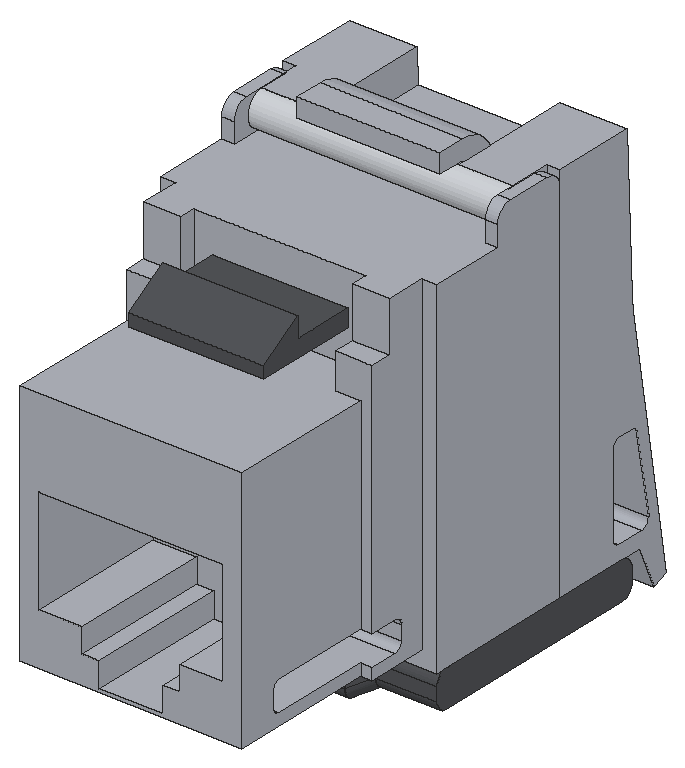
Revit family "RJ45 FTP_ENG", category Equipement spécialisé, Revit 2020
Family settings
  Cote de connecteur circulaire = Utiliser le diamètre
  Type d'élément = Normal
  Basée sur le plan de construction = Non
  Toujours verticalement = Oui
  Couper avec des vides une fois chargée = Non
  Partagée = Oui
  Point de calcul de pièce = Non
Parameters (values of type "Connecteur RJ45 Catégorie 6 FTP (lot de 24)")
  Type de connecteur = "RJ45"
  Température de stockage = "-10_à_70"
  Température de fonctionnement = "-10_à_60"
  Section AWG = "23-26"
  Référence Legrand = "632908"
  Profondeur = 34 mm
  Lien e-catalogue = "https://www.legrand.fr/reference/632908/pro"
  Libellé BIM = "Connecteur RJ45 Catégorie 6 FTP (lot de 24)"
  Largeur (mm) = 18 mm
  IP = "IP20"
  IK = "IK04"
  Hauteur = 31 mm
  Fonction = "Prises murales RJ45"
  Elévation par défaut = 0 mm
  EAN = "3414972227278"
  Diamètre max du câble en entrée = "9MM"
  Couleur = IDS_GRIS
  Classe ETIM = "EC001121"
  Catégorie = "6"
  Blindé = yes
Reference planes
  plane 1 "Centre (avant/arrière)": y = 106
  plane 2: z = 0
  plane 3: x = 0
  plane 4: z = 16.075
  plane 5: x = 14.47
  plane 6: y = 115.65
  plane 7: x = 1.24
  plane 8: x = 13.23
  plane 9: z = 10.32
  plane 10: z = 3.44
  plane 11: z = 0.2
  plane 12: x = 5.16
  plane 13: x = 9.31
  plane 14: z = 1.86
  plane 15: x = 4.06
  plane 16: x = 10.41
  plane 17: y = 119.65
  plane 18: z = 21.675
  plane 19: z = -1
  plane 20: y = 117.05
  plane 21: z = 18.375
  plane 22: x = -0.765
  plane 23: x = 15.235
  plane 24: x = 7.235
  plane 25: z = 24
  plane 26: y = 129.65
  plane 27: y = 124.65
  plane 28: x = -1.765
  plane 29: x = 16.235
  plane 30: x = -0.94
  plane 31: x = 15.41
  plane 32: x = 7.235
  plane 33: z = 25.375
  plane 34: z = 24.125
  plane 35: y = 125.35
  plane 36: y = 126.85
  plane 37: z = 22.9
  plane 38: y = 131.35
  plane 39: y = 127.35
  plane 40: z = -4.8
  plane 41: y = 128.15
  plane 42: z = 22.875
  plane 43: y = 126.85
  plane 44: y = 135.45
  plane 45: z = 14
  plane 46: y = 138.3
  plane 47: z = -3.3
  plane 48: y = 137.3
  plane 49: z = -3.7
  plane 50: y = 123.65
  plane 51: z = 10.5
  plane 52: z = -3.44
  plane 53: y = 135.55
  plane 54: z = -3.44
  plane 55: y = 135.55
  plane 56: z = -4.8
  plane 57: y = 108.5
  plane 58: z = 18.2
  plane 59: z = 19.4
  plane 60: y = 114.05
  plane 61: y = 111.35
  plane 62: z = 20.7
  plane 63: y = 113.65
  plane 64: z = 19
  plane 65: y = 114.2
  plane 66: z = -1.5
  plane 67: y = 111.3
  plane 68: x = 1.635
  plane 69: x = 12.835
  plane 70: y = 134
  plane 71: z = 6.3
  plane 72: y = 135.85
  plane 73: y = 137
  plane 74: y = 134
  plane 75: z = 6.3
  plane 76: y = 135.85
  plane 77: y = 137
Forms (mm)
  Extrusion 1, solid, material "IDS_GRIS" <- "Couleur"
    sketch origin (0, 106, 0) x (1, 0, 0) y (0, 0, 1)
      loop
        line (0, 0) -> (14.47, 0) -> (14.47, 16.075) -> (0, 16.075) -> (0, 0)
    from 0 to -9.65
  Extrusion 2, void
    sketch origin (0, 106, 0) x (-1, 0, 0) y (0, 0, 1)
      loop
        line (-1.24, 3.44) -> (-1.24, 10.32) -> (-13.23, 10.32) -> (-13.23, 3.44) -> (-10.41, 3.44) -> (-10.41, 1.86) -> (-9.31, 1.86) -> (-9.31, 0.2) -> (-5.16, 0.2) -> (-5.16, 1.86) -> (-4.06, 1.86) -> (-4.06, 3.44) -> (-1.24, 3.44)
    from 0 to 9.3
  Extrusion 3, solid, material "IDS_GRIS" <- "Couleur"
    sketch origin (-0.765, -1524, -4.284) x (0, 0, -1) y (0, -1, 0)
      loop
        line (-4.284, -1639.65) -> (-22.659, -1639.65) -> (-22.659, -1641.05) -> (-25.959, -1641.05) -> (-25.959, -1643.65) -> (-4.284, -1643.65) -> (-4.284, -1639.65)
    from 0 to -16
  Extrusion 4, void
    sketch origin (-27.014, 115.65, 1200) x (1, 0, 0) y (0, 0, 1)
      loop
        line (28.649, -1178.325) -> (28.649, -1183.925) -> (39.849, -1183.925) -> (39.849, -1178.325) -> (28.649, -1178.325)
    from 0 to -2.5
  Extrusion 5, solid, material "IDS_GRIS" <- "Couleur"
    sketch origin (-1.765, -1524, -2.503) x (0, 0, -1) y (0, -1, 0)
      loop
        line (-1.503, -1653.65) -> (-1.503, -1643.65) -> (-24.178, -1643.65) -> (-24.178, -1648.65) -> (-25.503, -1648.65)
        arc (-25.503, -1648.65) -> (-26.21, -1648.943) -> (-26.503, -1649.65) r 1
        line (-26.503, -1649.65) -> (-26.503, -1652.65)
        arc (-26.503, -1652.65) -> (-26.21, -1653.357) -> (-25.503, -1653.65) r 1
        line (-25.503, -1653.65) -> (-1.503, -1653.65)
    from 0 to -18
  Extrusion 6, void
    sketch origin (0, 124.65, 27.667) x (0, 0, -1) y (-1, 0, 0)
      loop
        line (5.992, 0.94) -> (3.667, 0.94) -> (3.667, -15.41) -> (5.992, -15.41) -> (5.992, 0.94)
    from 0 to 5
  Extrusion 7, solid, material "IDS_GRIS" <- "Couleur"
    sketch origin (7.235, -1524, 28.784) x (0, 0, 1) y (0, -1, 0)
      loop
        line (-7.109, -1650.85) -> (-7.109, -1653.65) -> (-5.809, -1653.65)
        arc (-5.809, -1653.65) -> (-4.112, -1652.947) -> (-3.409, -1651.25) r 2.4
        line (-3.409, -1651.25) -> (-3.409, -1649.35) -> (-4.659, -1649.35) -> (-4.659, -1650.85)
        arc (-4.659, -1650.85) -> (-5.884, -1652.075) -> (-7.109, -1650.85) r 1.225
    from -4.65 to 4.65
  Extrusion 8, solid, material "IDS_GRIS" <- "Couleur"
    sketch origin (7.235, -1524, 28.784) x (0, 0, 1) y (0, -1, 0)
      loop
        line (-28.784, -1655.35) -> (-28.784, -1651.35) -> (-32.824, -1651.405)
        arc (-32.824, -1651.405) -> (-33.277, -1651.703) -> (-33.584, -1652.15) r 1.4
        line (-33.584, -1652.15) -> (-33.584, -1654.85)
        arc (-33.584, -1654.85) -> (-33.437, -1655.204) -> (-33.084, -1655.35) r 0.5
        line (-33.084, -1655.35) -> (-28.784, -1655.35)
    from -5 to 5
  Extrusion 9, solid
    sketch origin (7.235, -1524, 28.784) x (0, 0, 1) y (0, -1, 0)
      loop
        circle (-5.909, -1650.85) r 1.15
    from -8.175 to 8.175
  Extrusion 10, solid, material "IDS_GRIS" <- "Couleur"
    sketch origin (7.235, -1524, 28.784) x (0, 0, 1) y (0, -1, 0)
      loop
        line (-29.784, -1653.65) -> (-29.784, -1660.22) -> (-32.484, -1661.3) -> (-32.084, -1662.3) -> (-15.732, -1659.665)
        arc (-15.732, -1659.665) -> (-15.261, -1659.579) -> (-14.784, -1659.541) r 4.871
        line (-14.784, -1659.541) -> (-4.759, -1659.1) -> (-4.759, -1650.85)
        arc (-4.759, -1650.85) -> (-5.909, -1649.7) -> (-7.059, -1650.85) r 1.15
        line (-7.059, -1650.85) -> (-7.059, -1653.65) -> (-29.784, -1653.65)
    from -9 to 9
  Extrusion 11, void
    sketch origin (-1.765, -1524, -2.503) x (0, 0, 1) y (0, -1, 0)
      loop
        line (24.228, -1653.65) -> (26.528, -1653.65) -> (26.528, -1650.85)
        arc (26.528, -1650.85) -> (25.378, -1649.7) -> (24.228, -1650.85) r 1.15
        line (24.228, -1650.85) -> (24.228, -1653.65)
    from 0.825 to 0
  Extrusion 12, void
    sketch origin (16.235, -1524, 29.162) x (0, 0, -1) y (0, -1, 0)
      loop
        line (5.137, -1650.85) -> (5.137, -1653.65) -> (7.437, -1653.65) -> (7.437, -1650.85)
        arc (7.437, -1650.85) -> (6.287, -1649.7) -> (5.137, -1650.85) r 1.15
    from 0 to 0.825
  Extrusion 13, void
    sketch origin (7.235, -1524, 28.784) x (0, 0, -1) y (0, -1, 0)
      loop
        line (4.759, -1650.85) -> (4.759, -1659.1) -> (7.059, -1659.201) -> (7.059, -1650.85)
        arc (7.059, -1650.85) -> (5.909, -1652) -> (4.759, -1650.85) r 1.15
    from -4.65 to 4.65
  Extrusion 14, void
    sketch origin (0, 123.65, 24.886) x (0, 0, -1) y (-1, 0, 0)
      loop
        circle (14.386, -7.235) r 4.9
    from 0 to 26.097
  Extrusion 15, solid, material "IDS_GRIS" <- "Couleur"
    sketch origin (7.235, -1524, 28.784) x (0, 0, 1) y (0, -1, 0)
      loop
        line (-29.784, -1655.35) -> (-33.384, -1655.35) -> (-34.205, -1660.007)
        arc (-34.205, -1660.007) -> (-33.951, -1660.533) -> (-33.371, -1660.46) r 0.5
        line (-33.371, -1660.46) -> (-29.784, -1657.114) -> (-29.784, -1655.35)
    from -5 to 5
  Extrusion 16, solid, material "IDS_NOIR"
    sketch origin (2.235, -1524, 28.784) x (0, 0, -1) y (0, -1, 0)
      loop
        line (32.224, -1658.75) -> (32.224, -1644.45)
        arc (32.224, -1644.45) -> (31.989, -1643.884) -> (31.424, -1643.65) r 0.8
        line (31.424, -1643.65) -> (30.584, -1643.65)
        arc (30.584, -1643.65) -> (30.018, -1643.884) -> (29.784, -1644.45) r 0.8
        line (29.784, -1644.45) -> (29.784, -1658.75)
        arc (29.784, -1658.75) -> (30.018, -1659.316) -> (30.584, -1659.55) r 0.8
        line (30.584, -1659.55) -> (31.424, -1659.55)
        arc (31.424, -1659.55) -> (31.989, -1659.316) -> (32.224, -1658.75) r 0.8
    from 0 to 4
  Extrusion 17, solid, material "IDS_NOIR"
    sketch origin (12.235, -1524, 28.784) x (0, 0, -1) y (0, 1, 0)
      loop
        arc (32.224, 1658.75) -> (31.989, 1659.316) -> (31.424, 1659.55) r 0.8
        line (31.424, 1659.55) -> (30.584, 1659.55)
        arc (30.584, 1659.55) -> (30.018, 1659.316) -> (29.784, 1658.75) r 0.8
        line (29.784, 1658.75) -> (29.784, 1644.45)
        arc (29.784, 1644.45) -> (30.018, 1643.884) -> (30.584, 1643.65) r 0.8
        line (30.584, 1643.65) -> (31.424, 1643.65)
        arc (31.424, 1643.65) -> (31.989, 1643.884) -> (32.224, 1644.45) r 0.8
        line (32.224, 1644.45) -> (32.224, 1658.75)
    from 0 to 4
  Extrusion 18, solid, material "IDS_NOIR"
    sketch origin (7.235, -1524, 28.784) x (0, 0, 1) y (0, -1, 0)
      loop
        line (-29.784, -1658.75) -> (-29.784, -1657.95)
        arc (-29.784, -1657.95) -> (-30.018, -1657.384) -> (-30.584, -1657.15) r 0.8
        line (-30.584, -1657.15) -> (-31.424, -1657.15)
        arc (-31.424, -1657.15) -> (-31.989, -1657.384) -> (-32.224, -1657.95) r 0.8
        line (-32.224, -1657.95) -> (-32.224, -1658.75)
        arc (-32.224, -1658.75) -> (-31.989, -1659.316) -> (-31.424, -1659.55) r 0.8
        line (-31.424, -1659.55) -> (-30.584, -1659.55)
        arc (-30.584, -1659.55) -> (-30.018, -1659.316) -> (-29.784, -1658.75) r 0.8
    from -5 to 5
  Extrusion 19, solid, material "IDS_NOIR"
    sketch origin (7.235, -1524, 28.784) x (0, 0, 1) y (0, -1, 0)
      loop
        arc (-31.034, -1644.45) -> (-31.268, -1643.884) -> (-31.834, -1643.65) r 0.8
        line (-31.834, -1643.65) -> (-32.784, -1643.65)
        arc (-32.784, -1643.65) -> (-33.349, -1643.884) -> (-33.584, -1644.45) r 0.8
        line (-33.584, -1644.45) -> (-33.584, -1650.55)
        arc (-33.584, -1650.55) -> (-33.349, -1651.116) -> (-32.784, -1651.35) r 0.8
        line (-32.784, -1651.35) -> (-31.834, -1651.35)
        arc (-31.834, -1651.35) -> (-31.268, -1651.116) -> (-31.034, -1650.55) r 0.8
        line (-31.034, -1650.55) -> (-31.034, -1644.45)
    from -3 to 3
  SweptBlend 20, solid, material "IDS_NOIR"
    path origin (7.235, 119.65, -4) x (0, 0, 1) y (-1, 0, 0)
      loop
        line (0.95, 3) -> (0.95, 5)
    profile origin (4.235, 119.65, -3.05) x (0, 0, -1) y (0, -1, 0)
      loop
        line (-0.8, -0.8) -> (-0.8, -6.9)
        arc (-0.8, -6.9) -> (-0.566, -7.466) -> (0, -7.7) r 0.8
        line (0, -7.7) -> (0.95, -7.7)
        arc (0.95, -7.7) -> (1.516, -7.466) -> (1.75, -6.9) r 0.8
        line (1.75, -6.9) -> (1.75, -0.8)
        arc (1.75, -0.8) -> (1.516, -0.234) -> (0.95, 0) r 0.8
        line (0.95, 0) -> (0, 0)
        arc (0, 0) -> (-0.566, -0.234) -> (-0.8, -0.8) r 0.8
    end profile origin (2.235, 119.65, -3.05) x (0, 0, -1) y (0, -1, 0)
      loop
        line (-0.41, 0) -> (-1.25, 0)
        arc (-1.25, 0) -> (-1.816, -0.234) -> (-2.05, -0.8) r 0.8
        line (-2.05, -0.8) -> (-2.05, -6.9)
        arc (-2.05, -6.9) -> (-1.816, -7.466) -> (-1.25, -7.7) r 0.8
        line (-1.25, -7.7) -> (-0.41, -7.7)
        arc (-0.41, -7.7) -> (0.156, -7.466) -> (0.39, -6.9) r 0.8
        line (0.39, -6.9) -> (0.39, -0.8)
        arc (0.39, -0.8) -> (0.156, -0.234) -> (-0.41, 0) r 0.8
  SweptBlend 21, solid, material "IDS_NOIR"
    path origin (7.235, 119.65, -4) x (0, 0, 1) y (-1, 0, 0)
      loop
        line (0.886, -3) -> (0.886, -5)
    profile origin (10.235, 119.65, -3.114) x (0, 0, 1) y (0, -1, 0)
      loop
        line (-1.686, -0.8) -> (-1.686, -6.9)
        arc (-1.686, -6.9) -> (-1.452, -7.466) -> (-0.886, -7.7) r 0.8
        line (-0.886, -7.7) -> (0.064, -7.7)
        arc (0.064, -7.7) -> (0.629, -7.466) -> (0.864, -6.9) r 0.8
        line (0.864, -6.9) -> (0.864, -0.8)
        arc (0.864, -0.8) -> (0.629, -0.234) -> (0.064, 0) r 0.8
        line (0.064, 0) -> (-0.886, 0)
        arc (-0.886, 0) -> (-1.452, -0.234) -> (-1.686, -0.8) r 0.8
    end profile origin (12.235, 119.65, -3.114) x (0, 0, 1) y (0, -1, 0)
      loop
        arc (0.474, 0) -> (-0.092, -0.234) -> (-0.326, -0.8) r 0.8
        line (-0.326, -0.8) -> (-0.326, -6.9)
        arc (-0.326, -6.9) -> (-0.092, -7.466) -> (0.474, -7.7) r 0.8
        line (0.474, -7.7) -> (1.314, -7.7)
        arc (1.314, -7.7) -> (1.879, -7.466) -> (2.114, -6.9) r 0.8
        line (2.114, -6.9) -> (2.114, -0.8)
        arc (2.114, -0.8) -> (1.879, -0.234) -> (1.314, 0) r 0.8
        line (1.314, 0) -> (0.474, 0)
  Extrusion 22, void
    sketch origin (14.47, 106, 0) x (0, 0, -1) y (0, -1, 0)
      loop
        arc (-0.75, -3.03) -> (-0.896, -2.676) -> (-1.25, -2.53) r 0.5
        line (-1.25, -2.53) -> (-2.225, -2.53)
        arc (-2.225, -2.53) -> (-2.579, -2.676) -> (-2.725, -3.03) r 0.5
        line (-2.725, -3.03) -> (-2.725, -11.53)
        arc (-2.725, -11.53) -> (-2.579, -11.884) -> (-2.225, -12.03) r 0.5
        line (-2.225, -12.03) -> (-1.25, -12.03)
        arc (-1.25, -12.03) -> (-0.896, -11.884) -> (-0.75, -11.53) r 0.5
        line (-0.75, -11.53) -> (-0.75, -3.03)
    from -0.765 to 2.76
  Extrusion 23, void
    sketch origin (0, 106, 0) x (0, 0, -1) y (0, 1, 0)
      loop
        line (-0.75, 3) -> (-0.75, 11.5)
        arc (-0.75, 11.5) -> (-0.896, 11.854) -> (-1.25, 12) r 0.5
        line (-1.25, 12) -> (-2.225, 12)
        arc (-2.225, 12) -> (-2.579, 11.854) -> (-2.725, 11.5) r 0.5
        line (-2.725, 11.5) -> (-2.725, 3)
        arc (-2.725, 3) -> (-2.579, 2.646) -> (-2.225, 2.5) r 0.5
        line (-2.225, 2.5) -> (-1.25, 2.5)
        arc (-1.25, 2.5) -> (-0.896, 2.646) -> (-0.75, 3) r 0.5
    from -0.765 to 2.76
  Extrusion 24, solid, material "IDS_NOIR"
    sketch origin (7.235, -1524, 28.784) x (0, 0, 1) y (0, -1, 0)
      loop
        line (-10.584, -1642.15) -> (-9.384, -1642.15) -> (-9.384, -1638.05) -> (-8.084, -1638.05) -> (-9.784, -1635.35) -> (-10.584, -1635.35) -> (-10.584, -1642.15)
    from -4.4 to 4.4
  Extrusion 25, solid, material "IDS_GRIS" <- "Couleur"
    sketch origin (7.235, -1524, 28.784) x (0, 0, 1) y (0, -1, 0)
      loop
        line (-28.784, -1638.2) -> (-28.784, -1635.3) -> (-30.284, -1638.2) -> (-28.784, -1638.2)
    from -5.25 to 5.25
  Extrusion 26, void
    sketch origin (-1.765, -1524, 28.784) x (0, 0, 1) y (0, -1, 0)
      loop
        line (-28.194, -1660.892) -> (-22.484, -1659.85) -> (-22.484, -1658.5)
        arc (-22.484, -1658.5) -> (-22.63, -1658.146) -> (-22.984, -1658) r 0.5
        line (-22.984, -1658) -> (-28.284, -1658)
        arc (-28.284, -1658) -> (-28.637, -1658.146) -> (-28.784, -1658.5) r 0.5
        line (-28.784, -1658.5) -> (-28.784, -1660.4)
        arc (-28.784, -1660.4) -> (-28.604, -1660.784) -> (-28.194, -1660.892) r 0.5
    from 0 to 6
  Extrusion 27, void
    sketch origin (16.235, -1524, 28.784) x (0, 0, 1) y (0, 1, 0)
      loop
        arc (-28.194, 1660.892) -> (-28.604, 1660.784) -> (-28.784, 1660.4) r 0.5
        line (-28.784, 1660.4) -> (-28.784, 1658.5)
        arc (-28.784, 1658.5) -> (-28.637, 1658.146) -> (-28.284, 1658) r 0.5
        line (-28.284, 1658) -> (-22.984, 1658)
        arc (-22.984, 1658) -> (-22.63, 1658.146) -> (-22.484, 1658.5) r 0.5
        line (-22.484, 1658.5) -> (-22.484, 1659.85) -> (-28.194, 1660.892)
    from 0 to 6
Cuts and joins
  Extrusion 2, Extrusion 4, Extrusion 14, Extrusion 22, Extrusion 23 cuts Extrusion 1
  Extrusion 4, Extrusion 14, Extrusion 22, Extrusion 23 cuts Extrusion 3
  Extrusion 6, Extrusion 22, Extrusion 23 cuts Extrusion 5
  joined: Extrusion 1, Extrusion 3, Extrusion 5, Extrusion 25
  Extrusion 11, Extrusion 13 cuts Extrusion 9
  Extrusion 11, Extrusion 12, Extrusion 13, Extrusion 14, Extrusion 26, Extrusion 27 cuts Extrusion 10
  joined: Extrusion 16, Extrusion 17, Extrusion 18, Extrusion 19
  joined: SweptBlend 20, SweptBlend 21
Dimensions and locks
  locked: plane 4 to level at 16.075
  locked: plane 5 to plane 3 at 14.47
  locked: plane 1 "Centre (avant/arrière)" to plane 6 at 9.65
  plane 7 to plane 3 = 1.24 mm
  plane 5 to plane 8 = 1.24 mm
  plane 11 to level = 0.2 mm
  plane 15 to plane 7 = 2.82 mm
  plane 8 to plane 16 = 2.82 mm
  plane 12 to plane 15 = 1.1 mm
  plane 16 to plane 13 = 1.1 mm
  plane 14 to plane 11 = 1.66 mm
  plane 10 to plane 14 = 1.58 mm
  plane 9 to plane 10 = 6.88 mm
  plane 17 to plane 6 = 4 mm
  locked: plane 18 to plane 4 at 5.6
  plane 21 to plane 4 = 2.3 mm
  plane 20 to plane 6 = 1.4 mm
  locked: plane 22 to plane 3 at 0.765
  locked: plane 5 to plane 23 at 0.765
  equal spacing: plane 22, plane 24, plane 23
  locked: level to plane 19 at 1
  plane 26 to plane 17 = 10 mm
  plane 26 to plane 27 = 5 mm
  locked: plane 28 to plane 22 at 1
  locked: plane 29 to plane 23 at 1
  plane 28 to plane 30 = 0.825 mm
  plane 29 to plane 31 = 0.825 mm
  plane 25 to plane 18 = 2.325 mm
  equal spacing: plane 28, plane 32, plane 29, locked at 9 each
  plane 33 to plane 18 = 3.7 mm
  plane 33 to plane 34 = 1.25 mm
  plane 26 to plane 35 = 4.3 mm
  plane 36 to plane 35 = 1.5 mm
  equal spacing: plane 34, plane 37, cut or joined group 1 (Extrusion 1, Extrusion 2, Extrusion 3, Extrusion 4, Extrusion 5, Extrusion 6, Extrusion 14, Extrusion 22, Extrusion 23, Extrusion 25)
  locked: plane 38 to cut or joined group 1 at 1.7
  plane 38 to plane 39 = 4 mm
  plane 38 to plane 41 = 3.2 mm
  plane 42 to plane 18 = 1.2 mm
  Extrusion 10 sketch curve to cut or joined group 1 = 5.45 mm
  plane 19 to plane 45 = 15 mm
  plane 44 to cut or joined group 1 = 5.8 mm
  cut or joined group 1 to plane 46 = 8.65 mm
  plane 19 to plane 47 = 2.3 mm
  plane 19 to plane 49 = 2.7 mm
  plane 26 to plane 50 = 6 mm
  plane 51 to plane 25 = 13.5 mm
  plane 19 to Extrusion 15 sketch curve = 3.6 mm
  plane 19 to plane 40 = 3.8 mm
  plane 52 to cut or joined group of Extrusion 10, Extrusion 11, Extrusion 12, Extrusion 13, Extrusion 14, Extrusion 26, Extrusion 27 = 2.44 mm
  plane 53 to plane 17 = 15.9 mm
  plane 19 to Extrusion 19 sketch curve = 1.25 mm
  cut or joined group 1 to Extrusion 22 sketch curve = 0.75 mm
  Extrusion 22 sketch curve to Extrusion 22 sketch curve = 1.975 mm
  Extrusion 22 sketch curve to cut or joined group 1 = 2.53 mm
  Extrusion 22 sketch curve to Extrusion 22 sketch curve = 9.5 mm
  Extrusion 23 sketch curve to Extrusion 23 sketch curve = 1.975 mm
  Extrusion 23 sketch curve to Extrusion 23 sketch curve = 9.5 mm
  plane 57 to plane 1 "Centre (avant/arrière)" = 2.5 mm
  plane 26 to plane 43 = 2.8 mm
  plane 58 to level = 18.2 mm
  plane 59 to plane 58 = 1.2 mm
  cut or joined group 1 to plane 61 = 5.7 mm
  cut or joined group 1 to plane 60 = 3 mm
  plane 62 to plane 59 = 1.3 mm
  plane 64 to plane 58 = 0.8 mm
  plane 65 to plane 1 "Centre (avant/arrière)" = 8.2 mm
  plane 68 to plane 24 = 5.6 mm
  plane 69 to plane 24 = 5.6 mm
  plane 70 to plane 1 "Centre (avant/arrière)" = 28 mm
  plane 71 to level = 6.3 mm
  plane 72 to plane 70 = 1.85 mm
  plane 73 to plane 70 = 3 mm
  plane 74 to plane 76 = 1.85 mm
  plane 74 to plane 77 = 3 mm
  radius of Extrusion 9 sketch curve = 1.15 mm
  angle Extrusion 15 sketch curve to Extrusion 15 sketch curve = 100.00°
  angle Extrusion 15 sketch curve to Extrusion 15 sketch curve = 37.00°
  aligned and locked: level to plane 2
  aligned and locked: plane 2 to Extrusion 1 sketch curve
  aligned and locked: plane 3 to Extrusion 1 sketch curve
  aligned and locked: Extrusion 1 sketch curve to plane 4
  aligned and locked: plane 5 to Extrusion 1 sketch curve
  aligned and locked: plane 6 to Extrusion 1
  aligned and locked: Extrusion 2 sketch curve to plane 7
  aligned and locked: plane 9 to Extrusion 2 sketch curve
  aligned and locked: plane 8 to Extrusion 2 sketch curve
  aligned and locked: Extrusion 2 sketch curve to plane 10  (x2)
  aligned and locked: plane 16 to Extrusion 2 sketch curve
  aligned and locked: Extrusion 2 sketch curve to plane 14  (x2)
  aligned and locked: plane 13 to Extrusion 2 sketch curve
  aligned and locked: Extrusion 2 sketch curve to plane 11
  aligned and locked: plane 12 to Extrusion 2 sketch curve
  aligned and locked: Extrusion 2 sketch curve to plane 15
  aligned and locked: Extrusion 3 sketch curve to plane 17
  aligned and locked: plane 18 to Extrusion 3 sketch curve
  aligned and locked: Extrusion 3 sketch curve to plane 20
  aligned and locked: plane 21 to Extrusion 3 sketch curve
  aligned and locked: Extrusion 3 sketch curve to plane 6
  aligned and locked: plane 23 to Extrusion 3
  aligned and locked: Extrusion 5 sketch curve to plane 26
  aligned and locked: plane 25 to Extrusion 5 sketch curve
  aligned and locked: plane 27 to Extrusion 5 sketch curve
  aligned and locked: Extrusion 5 sketch curve to plane 18
  aligned and locked: Extrusion 5 sketch curve to Extrusion 3
  aligned and locked: Extrusion 5 sketch curve to plane 19
  aligned and locked: plane 29 to Extrusion 5
  aligned and locked: plane 18 to Extrusion 6 sketch curve
  aligned and locked: plane 30 to Extrusion 6 sketch curve
  aligned and locked: Extrusion 6 sketch curve to plane 25
  aligned and locked: Extrusion 6 sketch curve to plane 31
  aligned and locked: Extrusion 6 to plane 26
  aligned and locked: Extrusion 7 sketch curve to cut or joined group 1
  aligned and locked: cut or joined group 1 to Extrusion 7 sketch curve
  aligned and locked: plane 33 to Extrusion 7 sketch curve
  aligned and locked: Extrusion 7 sketch curve to plane 35
  aligned and locked: plane 34 to Extrusion 7 sketch curve
  aligned and locked: plane 38 to Extrusion 8 sketch curve
  aligned and locked: plane 41 to Extrusion 8 sketch curve
  aligned and locked: plane 40 to Extrusion 8 sketch curve
  aligned and locked: Extrusion 8 sketch curve to level
  aligned and locked: Extrusion 9 to cut or joined group 1
  aligned and locked: cut or joined group 1 to Extrusion 9
  aligned and locked: Extrusion 10 sketch curve to plane 26
  aligned and locked: Extrusion 10 sketch curve to Extrusion 9
  aligned and locked: plane 47 to Extrusion 10 sketch curve
  aligned and locked: cut or joined group 1 to Extrusion 10 sketch curve
  aligned and locked: plane 48 to Extrusion 10 sketch curve
  aligned and locked: plane 29 to Extrusion 10
  aligned and locked: plane 28 to Extrusion 10
  aligned and locked: Extrusion 11 sketch curve to Extrusion 10  (x2)
  aligned and locked: Extrusion 11 sketch curve to Extrusion 7
  aligned and locked: Extrusion 11 to cut or joined group 1
  aligned and locked: Extrusion 12 to cut or joined group 1
  aligned and locked: Extrusion 13 sketch curve to cut or joined group of Extrusion 9, Extrusion 11, Extrusion 13
  aligned and locked: Extrusion 13 to Extrusion 7
  aligned and locked: Extrusion 7 to Extrusion 13
  aligned and locked: plane 38 to Extrusion 15 sketch curve
  aligned and locked: plane 19 to Extrusion 15 sketch curve
  aligned and locked: plane 52 to Extrusion 16 sketch curve
  aligned and locked: Extrusion 16 sketch curve to plane 53
  aligned and locked: cut or joined group 1 to Extrusion 16 sketch curve
  aligned and locked: Extrusion 16 sketch curve to cut or joined group 1
  aligned and locked: Extrusion 8 to Extrusion 15
  aligned and locked: Extrusion 15 to Extrusion 8
  aligned and locked: plane 28 to Extrusion 16
  aligned and locked: plane 54 to Extrusion 17 sketch curve
  aligned and locked: plane 55 to Extrusion 17 sketch curve
  aligned and locked: plane 29 to Extrusion 17
  aligned and locked: Extrusion 17 to Extrusion 8
  aligned and locked: Extrusion 18 sketch curve to Extrusion 16
  aligned and locked: Extrusion 16 to Extrusion 18 sketch curve
  aligned and locked: plane 19 to Extrusion 18 sketch curve
  aligned and locked: Extrusion 8 to Extrusion 18  (x2)
  aligned and locked: plane 56 to Extrusion 8
  aligned and locked: plane 56 to Extrusion 19 sketch curve
  aligned and locked: SweptBlend 20 sketch curve to Extrusion 19  (x4)
  aligned and locked: SweptBlend 20 sketch curve to Extrusion 16  (x2)
  aligned and locked: SweptBlend 21 sketch curve to Extrusion 19  (x4)
  aligned and locked: SweptBlend 21 sketch curve to Extrusion 17  (x2)
  aligned and locked: Extrusion 3 to Extrusion 23
  aligned and locked: Extrusion 22 to Extrusion 3
  aligned and locked: plane 57 to Extrusion 23 sketch curve
  aligned and locked: cut or joined group 1 to Extrusion 24 sketch curve
  aligned and locked: plane 59 to Extrusion 24 sketch curve
  aligned and locked: plane 60 to Extrusion 24 sketch curve
  aligned and locked: plane 58 to Extrusion 24 sketch curve
  aligned and locked: plane 64 to Extrusion 24 sketch curve
  aligned and locked: Extrusion 24 sketch curve to plane 61
  aligned and locked: plane 65 to Extrusion 25 sketch curve
  aligned and locked: Extrusion 25 sketch curve to level
  aligned and locked: Extrusion 4 sketch curve to plane 68
  aligned and locked: plane 4 to Extrusion 4 sketch curve
  aligned and locked: Extrusion 4 sketch curve to plane 69
  aligned and locked: Extrusion 4 sketch curve to plane 18
  aligned and locked: Extrusion 26 sketch curve to plane 71
  aligned and locked: Extrusion 26 sketch curve to plane 70
  aligned and locked: level to Extrusion 26 sketch curve
  aligned and locked: Extrusion 13 sketch curve to cut or joined group of Extrusion 10, Extrusion 11, Extrusion 12, Extrusion 13, Extrusion 14, Extrusion 26, Extrusion 27
  aligned and locked: Extrusion 27 sketch curve to plane 75
  aligned and locked: plane 74 to Extrusion 27 sketch curve
Automatic sketch dimensions
  Extrusion 3 sketch curve to level = 0 mm
  Extrusion 5 sketch curve to plane 25 = 1 mm  (x2)
  Extrusion 7 sketch curve to plane 36 = 0 mm  (x2)
  plane 37 to Extrusion 7 sketch curve = 0.075 mm
  Extrusion 8 sketch curve to plane 39 = 0 mm
  Extrusion 8 sketch curve to Extrusion 8 sketch curve = 0.5 mm
  Extrusion 8 sketch curve to plane 39 = 0.055 mm
  plane 40 to Extrusion 8 sketch curve = 0.759 mm
  Extrusion 8 sketch curve to plane 41 = 0.553 mm
  Extrusion 9 sketch curve to plane 42 = 0 mm
  Extrusion 9 sketch curve to plane 43 = 0 mm
  Extrusion 12 sketch curve to plane 26 = 0 mm
  plane 25 to Extrusion 12 sketch curve = 0.025 mm
  Extrusion 12 sketch curve to plane 25 = 1.125 mm
  Extrusion 12 sketch curve to plane 27 = 2.2 mm
  plane 25 to Extrusion 13 sketch curve = 0.025 mm
  plane 18 to Extrusion 13 sketch curve = 0.05 mm
  Extrusion 13 sketch curve to Extrusion 13 sketch curve = 0 mm  (x2)
  Extrusion 14 sketch curve to plane 32 = 0 mm
  Extrusion 14 sketch curve to plane 51 = 0 mm
  Extrusion 15 sketch curve to plane 19 = 3.929 mm
  Extrusion 15 sketch curve to Extrusion 15 sketch curve = 0.492 mm
  Extrusion 15 sketch curve to Extrusion 15 sketch curve = 0.341 mm
  Extrusion 15 sketch curve to Extrusion 15 sketch curve = 0.087 mm
  Extrusion 16 sketch curve to Extrusion 16 sketch curve = 0.8 mm  (x2)
  Extrusion 16 sketch curve to Extrusion 16 sketch curve = 0.84 mm  (x2)
  Extrusion 17 sketch curve to plane 19 = 0 mm
  Extrusion 17 sketch curve to plane 17 = 0 mm
  Extrusion 17 sketch curve to plane 19 = 0.8 mm
  Extrusion 17 sketch curve to Extrusion 17 sketch curve = 0.8 mm
  plane 54 to Extrusion 17 sketch curve = 0.8 mm  (x2)
  Extrusion 18 sketch curve to Extrusion 18 sketch curve = 0.8 mm  (x3)
  Extrusion 18 sketch curve to plane 19 = 0.8 mm
  Extrusion 18 sketch curve to Extrusion 18 sketch curve = 0 mm
  Extrusion 19 sketch curve to plane 17 = 0 mm
  plane 56 to Extrusion 19 sketch curve = 0.8 mm  (x2)
  Extrusion 19 sketch curve to Extrusion 19 sketch curve = 0.95 mm  (x2)
  Extrusion 19 sketch curve to plane 27 = 1.9 mm
  SweptBlend 20 sketch curve to Extrusion 19 = 0 mm  (x2)
  SweptBlend 20 sketch curve to Extrusion 19 = 2 mm
  SweptBlend 20 sketch curve to SweptBlend 20 sketch curve = 0.8 mm
  profile plane to SweptBlend 20 sketch curve = 0.41 mm
  SweptBlend 20 sketch curve to SweptBlend 20 sketch curve = 6.1 mm
  Extrusion 19 to SweptBlend 21 sketch curve = 0 mm
  Extrusion 19 to SweptBlend 21 sketch curve = 0.064 mm
  SweptBlend 21 sketch curve to Extrusion 19 = 2 mm
  SweptBlend 21 sketch curve to profile plane = 0.474 mm
  SweptBlend 21 sketch curve to SweptBlend 21 sketch curve = 0.84 mm
  SweptBlend 21 sketch curve to SweptBlend 21 sketch curve = 6.1 mm
  Extrusion 22 sketch curve to Extrusion 22 sketch curve = 0.5 mm  (x4)
  Extrusion 23 sketch curve to plane 57 = 0.5 mm
  level to Extrusion 23 sketch curve = 2.725 mm
  Extrusion 23 sketch curve to Extrusion 23 sketch curve = 0.5 mm  (x3)
  Extrusion 24 sketch curve to plane 62 = 0 mm
  Extrusion 25 sketch curve to plane 66 = 0 mm
  Extrusion 25 sketch curve to plane 67 = 0 mm
  Extrusion 26 sketch curve to Extrusion 26 sketch curve = 0.5 mm  (x3)
  Extrusion 26 sketch curve to Extrusion 26 sketch curve = 0.09 mm
  Extrusion 26 sketch curve to Extrusion 26 sketch curve = 1.35 mm
  Extrusion 26 sketch curve to Extrusion 26 sketch curve = 1.9 mm
  Extrusion 27 sketch curve to level = 0 mm
  Extrusion 27 sketch curve to plane 76 = 0 mm
  level to Extrusion 27 sketch curve = 0.5 mm  (x2)
  Extrusion 27 sketch curve to plane 77 = 0.108 mm
  Extrusion 27 sketch curve to Extrusion 27 sketch curve = 0.09 mm
  Extrusion 27 sketch curve to plane 74 = 0.5 mm
  Extrusion 10 sketch curve to plane 49 = 0 mm
  Extrusion 10 sketch curve to plane 45 = 0 mm
  Extrusion 10 sketch curve to plane 46 = 0 mm
  Extrusion 10 sketch curve to plane 44 = 0.215 mm
  Extrusion 10 sketch curve to plane 45 = 0.948 mm
  plane 45 to Extrusion 10 sketch curve = 0.156 mm
  plane 46 to Extrusion 10 sketch curve = 2.109 mm
  radius of Extrusion 14 sketch curve = 4.9 mm
